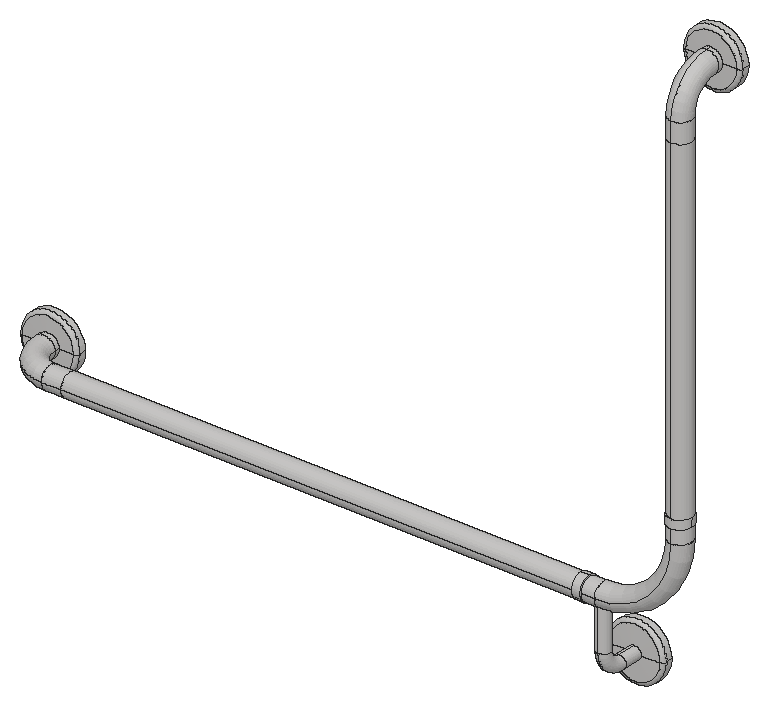
Revit family "RBA4801-901", category Plumbing Fixtures, Revit 2021
Family settings
  Round Connector Dimension = Use Diameter
  Part Type = Normal
  Work Plane-Based = No
  Always vertical = Yes
  Cut with Voids When Loaded = No
  Shared = No
  Room Calculation Point = No
Parameters
  Watermarked By = "www.rba.com.au"
  URL = "www.rba.com.au"
  R_Void [instance] = 15.00 mm
  R [instance] = 0.00 mm
  Phone Number = ""
  Modified Issue = "20180918.01"
  Model = "RBA4090-901"
  Materials and Finishes = none
  Manufacturer Model = "B819436"
  Manufacturer = "RBA Group"
  Description = "90° Angled Grab Rails"
  Default Elevation = 0.00 mm
  Copyrighted by = "RBA Group"  # constant formula
  Assembly Code = ""
Reference planes
  plane 1 "Center (Front/Back)": y = 0
  plane 2: z = 0
  plane 3: x = 40.5
  plane 4: z = -30
  plane 5: z = 30
  plane 6: x = 70.5
  plane 7: x = 10.5
  plane 8: x = 990.5
  plane 9: x = 515.5
  plane 10: z = 670
  plane 11: z = 730
  plane 12: x = 960.5
  plane 13: x = 1020.5
  plane 14: z = 700
  plane 15: z = -130
  plane 16: z = -70
  plane 17: x = 910.5
  plane 18: x = 850.5
  plane 19: x = 835.5
  plane 20: z = -100
  plane 21: x = 974.5
  plane 22: z = 16
  plane 23: y = -70
  plane 24: y = -86
  plane 25: y = -54
  plane 26: y = -79.5
  plane 27: y = -60.5
Forms (mm)
  Extrusion 1, solid, material "Stainless Steel #304 Satin Finish"
    sketch origin (40.5, -2.628, 315.907) x (0, 0, -1) y (-1, 0, 0)
      loop
        circle (315.907, 0) r 40
    from -0.219 to 2.628
  Revolve 2, solid, material "Stainless Steel #304 Satin Finish"
    sketch origin (40.5, 18.663, 0) x (0, -1, 0) y (1, 0, 0)
      loop
        line (18.663, 0) -> (18.663, -41.5) -> (27.844, -41.5)
        arc (27.844, -41.5) -> (31.337, -40.077) -> (32.842, -36.617) r 5
        line (32.842, -36.617) -> (33.701, 0) -> (18.663, 0)
      axis (18.663, 0) -> (33.701, 0)
    angle from 0 to 360
  Extrusion 3, void
    sketch origin (40.5, 34.941, 315.907) x (0, 0, -1) y (-1, 0, 0)
      loop
        circle (315.907, -30) r 5
      loop
        circle (315.907, 30) r 5
    from -37.788 to -30
  Sweep 4, solid, material "Stainless Steel #304 Satin Finish"
    path origin (40.5, 12.454, 0) x (0, -1, 0) y (-1, 0, 0)
      loop
        line (12.454, 0) -> (34.454, 0)
        arc (34.454, 0) -> (68.395, -14.059) -> (82.454, -48) r 48
        line (82.454, -48) -> (82.454, -76)
    profile origin (40.5, -11, 0) x (1, 0, 0) y (0, 0, 1)
      loop
        circle (0, 0) r 16
  Extrusion 5, solid, material "Stainless Steel #304 Satin Finish"
    sketch origin (990.5, -2.628, 1015.907) x (0, 0, -1) y (-1, 0, 0)
      loop
        circle (315.907, 0) r 40
    from -0.219 to 2.628
  Extrusion 6, void
    sketch origin (990.5, 34.941, 1015.907) x (0, 0, -1) y (-1, 0, 0)
      loop
        circle (315.907, 30) r 5
      loop
        circle (315.907, -30) r 5
    from -37.788 to -30
  Sweep 7, solid, material "Stainless Steel #304 Satin Finish"
    path origin (1690.5, 12.454, 700) x (0, -1, 0) y (0, 0, 1)
      loop
        line (12.454, 0) -> (34.454, 0)
        arc (34.454, 0) -> (68.395, -14.059) -> (82.454, -48) r 48
        line (82.454, -48) -> (82.454, -76)
    profile origin (1690.5, -11, 700) x (0, 0, 1) y (-1, 0, 0)
      loop
        circle (0, 700) r 16
  Revolve 8, solid, material "Stainless Steel #304 Satin Finish"
    sketch origin (990.5, 18.663, 700) x (0, -1, 0) y (1, 0, 0)
      loop
        line (18.663, 0) -> (33.701, 0) -> (32.842, 36.617)
        arc (32.842, 36.617) -> (31.337, 40.077) -> (27.844, 41.5) r 5
        line (27.844, 41.5) -> (18.663, 41.5) -> (18.663, 0)
      axis (18.663, 0) -> (33.701, 0)
    angle from 0 to 360
  Sweep 9, solid, material "Stainless Steel #304 Satin Finish"
    path origin (0, 0, 0) x (1, 0, 0) y (0, 0, 1)
      loop
        line (116.5, 0) -> (880.5, 0)
        arc (880.5, 0) -> (958.282, 32.218) -> (990.5, 110) r 110
        line (990.5, 110) -> (990.5, 624)
    profile origin (498.5, 0, 0) x (0, 0, 1) y (0, -1, 0)
      loop
        circle (0, 70) r 16
  Extrusion 10, solid, material "Stainless Steel #304 Satin Finish"
    sketch origin (880.5, -2.628, 215.907) x (0, 0, -1) y (-1, 0, 0)
      loop
        circle (315.907, 0) r 40
    from -0.219 to 2.628
  Revolve 11, solid, material "Stainless Steel #304 Satin Finish"
    sketch origin (880.5, 18.663, -100) x (0, -1, 0) y (1, 0, 0)
      loop
        line (18.663, 0) -> (18.663, -41.5) -> (27.844, -41.5)
        arc (27.844, -41.5) -> (31.337, -40.077) -> (32.842, -36.617) r 5
        line (32.842, -36.617) -> (33.701, 0) -> (18.663, 0)
      axis (18.663, 0) -> (33.701, 0)
    angle from 0 to 360
  Sweep 12, solid, material "Stainless Steel #304 Satin Finish"
    path origin (880.5, 12.454, -100) x (0, -1, 0) y (0, 0, -1)
      loop
        line (12.454, 0) -> (54.454, 0)
        arc (54.454, 0) -> (74.253, -8.201) -> (82.454, -28) r 28
        line (82.454, -28) -> (82.454, -100)
    profile origin (880.5, -21, -100) x (0, 0, -1) y (1, 0, 0)
      loop
        circle (0, 0) r 9.5
  Extrusion 13, void
    sketch origin (880.5, 34.941, 215.907) x (0, 0, -1) y (-1, 0, 0)
      loop
        circle (315.907, -30) r 5
      loop
        circle (315.907, 30) r 5
    from -37.788 to -30
  Extrusion 14, solid, material "Stainless Steel #304 Satin Finish"
    sketch origin (0, 0, 0) x (1, 0, 0) y (0, 1, 0)
      loop
        circle (990.5, -70) r 17
    from 142 to 130
  Extrusion 15, solid, material "Stainless Steel #304 Satin Finish"
    sketch origin (650.5, 0, 990.5) x (0, 0, -1) y (0, 1, 0)
      loop
        circle (990.5, -70) r 17
    from 210 to 198
Cuts and joins
  Extrusion 3, Extrusion 6, Extrusion 13 cuts Extrusion 1
  Extrusion 3, Extrusion 6, Extrusion 13 cuts Revolve 2
  Extrusion 13 cuts Sweep 4
  Extrusion 6 cuts Revolve 8
  Extrusion 13 cuts Revolve 11
  joined: Revolve 2, Sweep 4, Sweep 7, Revolve 8, Sweep 9, Revolve 11, Sweep 12
  Extrusion 6 cuts Extrusion 5
  Extrusion 13 cuts Extrusion 10
Dimensions and locks
  Revolve 2 sketch curve to Revolve 2 sketch curve = 41.50 mm
  plane 5 to level to plane 4 = 30.00 mm, 30.00 mm
  plane 7 to plane 6 = 60.00 mm
  plane 11 to plane 10 = 60.00 mm
  plane 12 to plane 13 = 60.00 mm
  Revolve 8 sketch curve to Revolve 8 sketch curve = 41.50 mm
  Revolve 11 sketch curve to Revolve 11 sketch curve = 41.50 mm
  plane 16 to plane 15 = 60.00 mm
  plane 18 to plane 17 = 60.00 mm
  level to plane 20 = 100.00 mm
  plane 14 to level = 700.00 mm
  plane 8 to plane 19 = 155.00 mm
  plane 8 to plane 3 = 950.00 mm
  radius of Extrusion 1 sketch curve = 40.00 mm
  radius of Sweep 4 sketch curve = 16.00 mm
  radius of Extrusion 5 sketch curve = 40.00 mm
  radius of Sweep 7 sketch curve = 16.00 mm
  radius of Extrusion 10 sketch curve = 40.00 mm
  radius of Sweep 12 sketch curve = 9.50 mm
  aligned and locked: Revolve 2 to Extrusion 1
  aligned and locked: Revolve 11 to Extrusion 10
